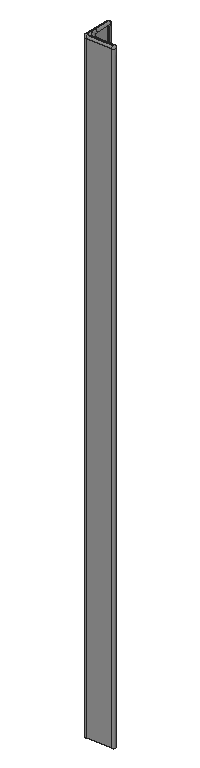
Revit family "Classic  ARETA 51", category Equipement spécialisé, Revit 2017
Family settings
  Hôte = Sol
  Cote de connecteur circulaire = Utiliser le diamètre
  Type d'élément = Normal
  Toujours verticalement = Oui
  Couper avec des vides une fois chargée = Non
  Partagée = Non
  Point de calcul de pièce = Non
Parameters
  ht du sol [instance] = 0 mm
  ht de la protection d'angle [instance] = 1000 mm
  couleur [instance] = CS-France blanche neige 9003
  URL = "http://www.cs-france.fr/produits/protections-murales/protections-d-angles/classic-areta-51/"
  Modèle = "Classic  Areta"
  Image du type = <Aucun>
  Fabricant = "CS-FRANCE"
  Description = ""
  Commentaires du type = "Protection d’angles de 51mm pour charge lourde en Acrovyn® 40 couleurs montée sur rail aluminium filant."
Reference planes
  plane 1 "Centre (avant/arrière)": y = 0
  plane 2: z = 0
  plane 3 "Centre (gauche/droite)": x = 0
  plane 4: z = 0
  plane 5: z = 1000
Forms (mm)
  Extrusion 1, solid, material "CS-France blanche neige 9003" <- "couleur"
    sketch origin (13.301, 10, 0) x (1, 0, 0) y (0, 1, 0)
      loop
        line (-20, 30.864) -> (-20, -10)
        arc (-20, -10) -> (-18.038, -14.737) -> (-13.301, -16.699) r 6.699
        line (-13.301, -16.699) -> (27.564, -16.699)
        arc (27.564, -16.699) -> (30.913, -13.35) -> (27.564, -10) r 3.35
        arc (27.564, -10) -> (26.894, -10.67) -> (27.564, -11.34) r 0.67
        arc (27.564, -11.34) -> (29.573, -13.35) -> (27.564, -15.359) r 2.01
        line (27.564, -15.359) -> (-13.301, -15.359)
        arc (-13.301, -15.359) -> (-17.09, -13.79) -> (-18.66, -10) r 5.359
        line (-18.66, -10) -> (-18.66, 30.864)
        arc (-18.66, 30.864) -> (-16.65, 32.874) -> (-14.641, 30.864) r 2.01
        arc (-14.641, 30.864) -> (-13.971, 30.195) -> (-13.301, 30.864) r 0.67
        arc (-13.301, 30.864) -> (-16.65, 34.214) -> (-20, 30.864) r 3.35
    from 0 to 1000
  Sweep 2, solid, material "CS-France blanche neige 9003" <- "couleur"
    path origin (0, 0, 0) x (1, 0, 0) y (0, 1, 0)
      loop
        arc (-19.999, 40.864) -> (-3.417, 57.514) -> (13.299, 41) r 16.65
        line (13.299, 41) -> (13.299, 13.9)
        arc (13.299, 13.9) -> (13.469, 13.538) -> (13.789, 13.3) r 0.817
        line (13.789, 13.3) -> (40.864, 13.3)
        arc (40.864, 13.3) -> (57.514, -3.35) -> (40.864, -20) r 16.65
        line (40.864, -20) -> (0, -20)
        arc (0, -20) -> (-14.142, -14.142) -> (-20, 0) r 20
        line (-20, 0) -> (-20, 41)
    profile origin (20.432, -20, 0) x (0, -1, 0) y (0, 0, 1)
      loop
        line (-14.303, 1000) -> (-13.301, 1000)
        arc (-13.301, 1000) -> (-14.212, 1002.404) -> (-16.338, 1003.85) r 4.273
        line (-16.338, 1003.85) -> (-16.338, 1002.791)
        arc (-16.338, 1002.791) -> (-14.922, 1001.686) -> (-14.303, 1000) r 3.273
  Extrusion 3, solid, material "CS-France blanche neige 9003" <- "couleur"
    sketch origin (0, 0, 0) x (1, 0, 0) y (0, 1, 0)
      loop
        line (-3.039, 13.341) -> (-3.039, 40.883)
        arc (-3.039, 40.883) -> (-3.359, 41.176) -> (-3.662, 40.864) r 0.312
        line (-3.662, 40.864) -> (-3.662, 0)
        arc (-3.662, 0) -> (-2.589, -2.589) -> (0, -3.662) r 3.662
        line (0, -3.662) -> (40.864, -3.661)
        arc (40.864, -3.661) -> (41.176, -3.35) -> (40.864, -3.038) r 0.312
        line (40.864, -3.038) -> (12.643, -3.038)
        arc (12.643, -3.038) -> (1.71, 2.191) -> (-3.039, 13.341) r 17.155
    from 1000 to 1003.85
Dimensions and locks
  "ht du sol": plane 4 to plane 2
  "ht de la protection d'angle": plane 5 to plane 4
  "ht de la protection d'angle": Extrusion 3 to plane 4
  locked: Extrusion 3 to plane 5 at 3.85
  aligned and locked: level to plane 2
  aligned and locked: Extrusion 1 to plane 5
  aligned and locked: plane 4 to Extrusion 1
  aligned and locked: Sweep 2 sketch curve to plane 5
Automatic sketch dimensions
  Extrusion 1 sketch curve to Extrusion 1 sketch curve = 0 mm  (x7)
  plane 1 "Centre (avant/arrière)" to Extrusion 1 sketch curve = 0 mm  (x3)
  Extrusion 1 sketch curve to plane 3 "Centre (gauche/droite)" = 6.699 mm
  Extrusion 1 sketch curve to Extrusion 1 sketch curve = 1.34 mm
  Extrusion 1 sketch curve to Extrusion 1 sketch curve = 2.01 mm
  Extrusion 1 sketch curve to Extrusion 1 sketch curve = 0.67 mm  (x2)
  Extrusion 1 sketch curve to plane 3 "Centre (gauche/droite)" = 0 mm
  plane 3 "Centre (gauche/droite)" to Extrusion 1 sketch curve = 40.864 mm
  Extrusion 1 sketch curve to plane 1 "Centre (avant/arrière)" = 40.864 mm
  Sweep 2 sketch curve to Sweep 2 sketch curve = 3.034 mm
  profile plane to Sweep 2 sketch curve = 17.567 mm
  Sweep 2 sketch curve to Sweep 2 sketch curve = 0.242 mm
  Sweep 2 sketch curve to Sweep 2 sketch curve = 1.229 mm
  Sweep 2 sketch curve to Sweep 2 sketch curve = 0 mm  (x3)
  Sweep 2 sketch curve to Sweep 2 sketch curve = 1.002 mm
  plane 1 "Centre (avant/arrière)" to Sweep 2 sketch curve = 0 mm
  Sweep 2 sketch curve to plane 3 "Centre (gauche/droite)" = 0 mm
  Sweep 2 sketch curve to plane 3 "Centre (gauche/droite)" = 3.35 mm
  Sweep 2 sketch curve to Sweep 2 sketch curve = 20 mm
  plane 3 "Centre (gauche/droite)" to Sweep 2 sketch curve = 13.299 mm
  Sweep 2 sketch curve to Sweep 2 sketch curve = 0.49 mm
  Sweep 2 sketch curve to Sweep 2 sketch curve = 0.802 mm
  Sweep 2 sketch curve to plane 1 "Centre (avant/arrière)" = 13.3 mm
  Sweep 2 sketch curve to Sweep 2 sketch curve = 26.763 mm
  plane 1 "Centre (avant/arrière)" to Sweep 2 sketch curve = 3.35 mm
  Sweep 2 sketch curve to Sweep 2 sketch curve = 0.6 mm
  Sweep 2 sketch curve to Sweep 2 sketch curve = 26.965 mm
  Sweep 2 sketch curve to Sweep 2 sketch curve = 0.136 mm  (x2)
  plane 1 "Centre (avant/arrière)" to Extrusion 3 sketch curve = 0 mm
  Extrusion 3 sketch curve to plane 3 "Centre (gauche/droite)" = 0 mm
  Extrusion 3 sketch curve to plane 3 "Centre (gauche/droite)" = 3.662 mm
  plane 3 "Centre (gauche/droite)" to Extrusion 3 sketch curve = 14.102 mm
  Extrusion 3 sketch curve to plane 1 "Centre (avant/arrière)" = 14.055 mm
  Extrusion 3 sketch curve to plane 3 "Centre (gauche/droite)" = 3.039 mm
  plane 1 "Centre (avant/arrière)" to Extrusion 3 sketch curve = 3.038 mm
  plane 3 "Centre (gauche/droite)" to Extrusion 3 sketch curve = 12.643 mm
  Extrusion 3 sketch curve to Extrusion 3 sketch curve = 27.524 mm
  Extrusion 3 sketch curve to Extrusion 3 sketch curve = 28.222 mm
  Extrusion 3 sketch curve to Extrusion 3 sketch curve = 0 mm
  Extrusion 3 sketch curve to Extrusion 3 sketch curve = 0.019 mm  (x2)
  Extrusion 3 sketch curve to Extrusion 3 sketch curve = 0.311 mm
  Extrusion 3 sketch curve to Extrusion 3 sketch curve = 0.312 mm
